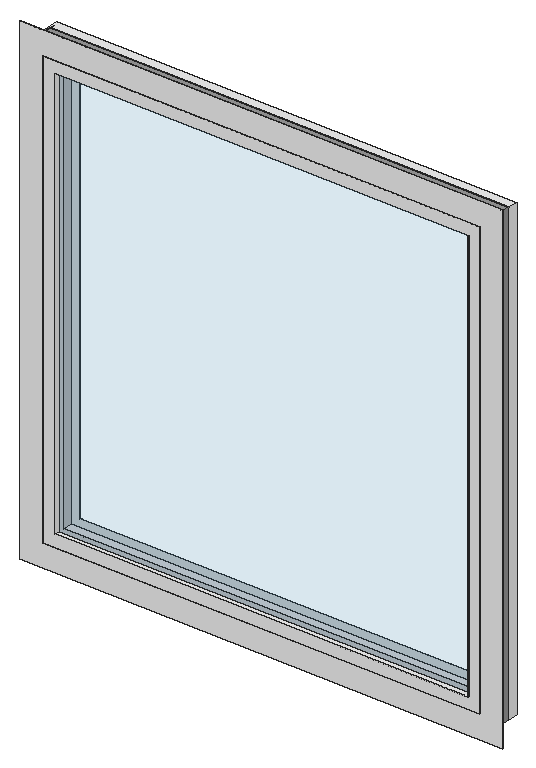
Revit family "Edge_TB42_G_Top_Hung_Custom", category Windows, host Wall, Revit 2014
Parameters (values of type "Casement_Sash_DG")
  Width Sash [instance] = 30 mm
  Width Sash Inner = 15 mm
  Width Bead = 15 mm
  Top Hung [instance] = yes
  Thermal Break Material = Rubber, Black
  Thermal Break Length = 16 mm
  Side Hung Right [instance] = yes
  Side Hung Left [instance] = yes
  Sash Opening Width [instance] = 600 mm
  Sash Opening Height [instance] = 600 mm
  Sash Lip = 15 mm
  Sash Leg [instance] = (Depth Sash - Thermal Break Length) / 2  # 13 mm
  SG Bead Leg = 6.683 mm
  Glazing Material [instance] = Glass
  Glazing Offset = 5 mm
  DG Start Piece 2 [instance] = DG End Piece 1 + DG Gasket Thickness  # 24.158 mm
  DG Start Peice 1 [instance] = ((Depth Sash - (2 * DG Glazing Thickness) - DG Gasket Thickness) / 2) - (SG Bead Leg - Aluminium Thickness) / 2  # 5.758 mm
  DG Glazing Thickness [instance] = 6.4 mm
  DG Gasket Thickness = 12 mm  # constant formula
  DG Gasket Material [instance] = none
  Depth Sash [instance] = 42 mm
  DG End Piece 2 [instance] = DG Start Piece 2 + DG Glazing Thickness  # 30.558 mm
  DG End Piece 1 [instance] = DG Start Peice 1 + DG Glazing Thickness  # 12.158 mm
  Center Vertical Sash [instance] = Sash Opening Height / 2  # 300 mm
  Center Horizontal Sash [instance] = Sash Opening Width / 2  # 300 mm
  Bottom Hung [instance] = yes
  Bead Offset = 15 mm
  Aluminium Thickness = 1 mm
  Aluminium Material [instance] = White Powder Coated Aluminium
Reference planes
  plane 1 "Center (Front/Back)": y = 0
  plane 2: z = 0
  plane 3 "Center (Left/Right)": x = 0
Forms (mm)
  Sweep 1, solid, material "White Powder Coated Aluminium" <- "Aluminium Material"
    path origin (16.177, 0, 121.331) x (1, 0, 0) y (0, 0, 1)
      loop
        line (0, 0) -> (600, 0) -> (600, 600) -> (0, 600) -> (0, 0)
    profile origin (316.177, 0, 121.331) x (0, 0, 1) y (0, -1, 0)
      loop
        line (0, 0) -> (30, 0) -> (30, 1) -> (15, 1) -> (15, 13) -> (14, 13) -> (14, 1) -> (1, 1) -> (1, 13) -> (0, 13) -> (0, 0)
      loop
        line (15, 42) -> (-15, 42) -> (-15, 41) -> (0, 41) -> (0, 29) -> (1, 29) -> (1, 41) -> (14, 41) -> (14, 29) -> (15, 29) -> (15, 42)
  Sweep 2, solid, material "White Powder Coated Aluminium" <- "Aluminium Material"
    path origin (0, 0, 0) x (1, 0, 0) y (0, 0, 1)
      loop
        line (31.177, 706.331) -> (31.177, 136.331) -> (601.177, 136.331) -> (601.177, 706.331) -> (31.177, 706.331)
    profile origin (316.177, 0, 706.331) x (0, 0, 1) y (0, -1, 0)
      loop
        line (0, 41) -> (0, 42) -> (-15, 42) -> (-15, 35.317) -> (-14, 35.317) -> (-14, 41) -> (0, 41)
  Extrusion 3, solid, material "Glass" <- "Glazing Material"
    sketch origin (0, 0, 0) x (1, 0, 0) y (0, 0, 1)
      loop
        line (36.177, 701.331) -> (36.177, 141.331) -> (596.177, 141.331) -> (596.177, 701.331) -> (36.177, 701.331)
    from 5.758 <- "DG Start Peice 1" to 12.158 <- "DG End Piece 1"
  Extrusion 4, solid, material "Glass" <- "Glazing Material"
    sketch origin (0, 0, 0) x (1, 0, 0) y (0, 0, 1)
      loop
        line (36.177, 701.331) -> (36.177, 141.331) -> (596.177, 141.331) -> (596.177, 701.331) -> (36.177, 701.331)
    from 30.558 <- "DG End Piece 2" to 24.158 <- "DG Start Piece 2"
  Sweep 5, solid, material <- "DG Gasket Material"
    path origin (0, -12.158, 0) x (1, 0, 0) y (0, 0, 1)
      loop
        line (36.177, 701.331) -> (36.177, 141.331) -> (596.177, 141.331) -> (596.177, 701.331) -> (36.177, 701.331)
    profile origin (316.177, -12.158, 701.331) x (0, 0, 1) y (0, -1, 0)
      loop
        line (0, 0) -> (0, 12) -> (-7.96, 12) -> (-7.96, 0) -> (0, 0)
  Sweep 6, solid, material "Rubber, Black" <- "Thermal Break Material"
    path origin (16.177, -13, 121.331) x (1, 0, 0) y (0, 0, 1)
      loop
        line (-15, 615) -> (-15, -15) -> (615, -15) -> (615, 615) -> (-15, 615)
    profile origin (316.177, -13, 736.331) x (0, 0, 1) y (0, -1, 0)
      loop
        line (-15, 16) -> (-16, 16) -> (-16, 0) -> (-15, 0) -> (-15, 16)
      loop
        line (-29, 16) -> (-30, 16) -> (-30, 0) -> (-29, 0) -> (-29, 16)
Lines and regions (mm)
  model lines
    curve 1: line (1.177, -42, 736.331) -> (31.177, -42, 706.331)
    curve 2: line (601.177, -42, 706.331) -> (631.177, -42, 736.331)
    curve 3: line (601.177, -42, 136.331) -> (631.177, -42, 106.331)
    curve 4: line (1.177, -42, 106.331) -> (31.177, -42, 136.331)
    curve 5: line (631.177, -41, 736.331) -> (616.177, -41, 721.331)
    curve 6: line (1.177, -41, 736.331) -> (16.177, -41, 721.331)
    curve 7: line (1.177, -41, 106.331) -> (16.177, -41, 121.331)
    curve 8: line (631.177, -41, 106.331) -> (616.177, -41, 121.331)
    curve 9: line (616.177, 0, 121.331) -> (586.177, 0, 151.331)
    curve 10: line (46.177, 0, 151.331) -> (16.177, 0, 121.331)
    curve 11: line (616.177, 0, 721.331) -> (586.177, 0, 691.331)
    curve 12: line (46.177, 0, 691.331) -> (16.177, 0, 721.331)
    curve 13: line (31.177, -42, 691.331) -> (46.177, -42, 691.331)
    curve 14: line (586.177, -42, 691.331) -> (601.177, -42, 691.331)
    curve 15: line (586.177, -42, 151.331) -> (601.177, -42, 151.331)
    curve 16: line (31.177, -42, 151.331) -> (46.177, -42, 151.331)
  model lines, style "GenericModelHiddenLines", visible <- "Top Hung"
    curve 17: line (46.386, -30.558, 690.602) -> (316.177, -30.558, 151.331)
    curve 18: line (316.177, -30.558, 151.331) -> (586.177, -30.558, 691.018)
  model lines, style "GenericModelHiddenLines", visible <- "Bottom Hung"
    curve 19: line (46.177, -30.558, 151.331) -> (316.177, -30.558, 691.018)
    curve 20: line (316.177, -30.558, 691.018) -> (586.177, -30.558, 151.331)
  model lines, style "GenericModelHiddenLines", visible <- "Side Hung Left"
    curve 21: line (46.386, -30.558, 690.602) -> (585.24, -30.558, 421.331)
    curve 22: line (585.24, -30.558, 421.331) -> (46.177, -30.558, 151.331)
  model lines, style "GenericModelHiddenLines", visible <- "Side Hung Right"
    curve 23: line (586.177, -30.558, 691.018) -> (46.177, -30.558, 421.331)
    curve 24: line (46.177, -30.558, 421.331) -> (586.177, -30.558, 151.331)
Dimensions and locks
  "Aluminium Thickness": Sweep 1 sketch curve to Sweep 1 sketch curve  (x6)
  "Depth Sash": Sweep 1 sketch curve to Sweep 1 sketch curve
  "Sash Opening Width": Sweep 1 to Sweep 1
  "Sash Opening Height": Sweep 1 to Sweep 1
  "Width Sash": Sweep 1 sketch curve to Sweep 1 sketch curve  (x2)
  "Width Sash Inner": Sweep 1 sketch curve to Sweep 1 sketch curve
  "Sash Lip": Sweep 1 sketch curve to Sweep 1 sketch curve
  "Glazing Offset": Sweep 2 to Extrusion 3 sketch curve  (x3)
  "Glazing Offset": Extrusion 3 sketch curve to Sweep 2
  Sweep 1 to Sweep 1 = 1 mm
  "Width Bead": Sweep 2 sketch curve to Sweep 2 sketch curve
  locked: Sweep 5 sketch curve to Sweep 5 sketch curve at 7.96
  "Center Horizontal Sash": Sweep 1 to curve 18
  "Center Horizontal Sash": Sweep 1 to curve 20
  "Center Vertical Sash": Sweep 1 to curve 22
  "Center Vertical Sash": Sweep 1 to curve 24
  "Sash Leg": Sweep 1 sketch curve to Sweep 1 sketch curve
  "Aluminium Thickness": Sweep 2 sketch curve to Sweep 2 sketch curve  (x2)
  "SG Bead Leg": Sweep 2 sketch curve to Sweep 2 sketch curve
  aligned and locked: level to plane 2
  aligned and locked: Sweep 1 sketch curve to Sweep 1 sketch curve  (x3)
  aligned and locked: Sweep 2 sketch curve to Sweep 1  (x4)
  aligned and locked: Sweep 1 to Sweep 2 sketch curve  (x2)
  aligned and locked: Extrusion 4 sketch curve to Extrusion 3  (x4)
  aligned and locked: Sweep 5 sketch curve to Extrusion 3  (x5)
  aligned and locked: Extrusion 3 to Sweep 5 sketch curve
  aligned and locked: Sweep 6 sketch curve to Sweep 1  (x10)
  aligned and locked: Sweep 1 to Sweep 6 sketch curve  (x2)
Automatic sketch dimensions
  plane 3 "Center (Left/Right)" to Sweep 1 sketch curve = 16.177 mm
  level to Sweep 1 sketch curve = 121.331 mm
  plane 3 "Center (Left/Right)" to Sweep 1 sketch curve = 616.177 mm
  level to Sweep 1 sketch curve = 721.331 mm
  profile plane to Sweep 5 sketch curve = 12 mm
  curve 7 to Sweep 1 = 0 mm  (x4)
  curve 6 to Sweep 1 = 0 mm  (x3)
  Sweep 1 to curve 6 = 0 mm
  curve 5 to Sweep 1 = 0 mm  (x3)
  curve 8 to Sweep 1 = 0 mm  (x4)
  Sweep 1 to curve 5 = 0 mm
  curve 16 to Sweep 2 = 0 mm  (x3)
  curve 13 to Sweep 2 = 0 mm  (x3)
  curve 15 to Sweep 2 = 0 mm
  Sweep 2 to curve 15 = 0 mm  (x2)
  curve 14 to Sweep 2 = 0 mm  (x2)
  Sweep 2 to curve 14 = 0 mm
  curve 1 to Sweep 1 = 0 mm  (x4)
  curve 4 to Sweep 1 = 0 mm  (x4)
  curve 2 to Sweep 1 = 0 mm  (x4)
  curve 3 to Sweep 1 = 0 mm  (x2)
  Sweep 1 to curve 3 = 0 mm  (x2)
  curve 10 to Sweep 1 = 0 mm  (x4)
  curve 12 to Sweep 1 = 0 mm  (x2)
  Sweep 1 to curve 12 = 0 mm  (x2)
  curve 11 to Sweep 1 = 0 mm  (x4)
  curve 9 to Sweep 1 = 0 mm  (x4)
  profile plane to Sweep 1 sketch curve = 0 mm  (x2)
  Sweep 1 sketch curve to plane 1 "Center (Front/Back)" = 0 mm
  Sweep 1 sketch curve to Sweep 1 sketch curve = 13 mm
  Sweep 1 sketch curve to Sweep 1 sketch curve = 12 mm  (x2)
  curve 21 to Extrusion 4 = 10.208 mm
  curve 19 to Extrusion 4 = 10 mm
  curve 23 to Extrusion 4 = 10 mm  (x2)
  curve 22 to Extrusion 4 = 10.937 mm
  curve 20 to Extrusion 4 = 10 mm
  curve 24 to Extrusion 4 = 10 mm
  curve 22 to Extrusion 4 = 10 mm
  curve 18 to Extrusion 4 = 10 mm
  curve 21 to Extrusion 4 = 10.729 mm
  curve 19 to Extrusion 4 = 10.312 mm
  curve 18 to Extrusion 4 = 10.312 mm
